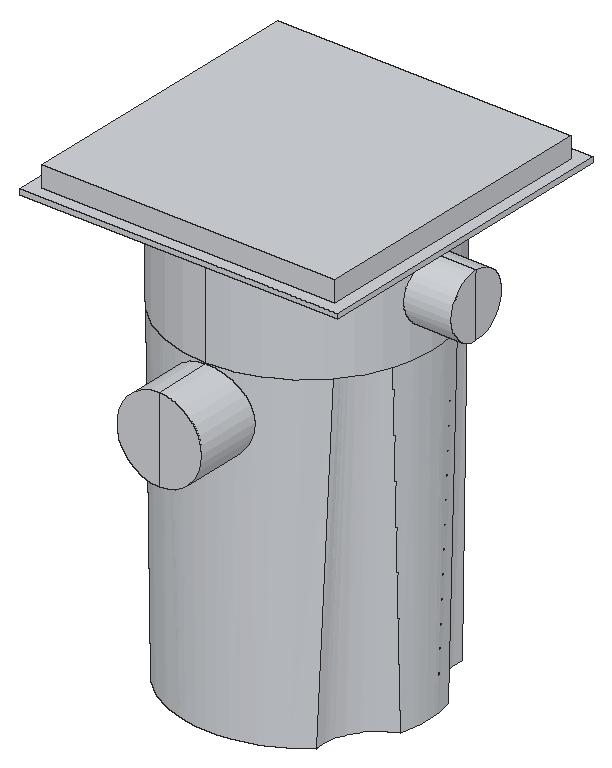
Revit family "Tambor de graxa - Quadrado - Único", category Equipamento mecânico, Revit 2019
Family settings
  Cota do conector redondo = Usar raio
  Tipo de parte = Normal
  Com base no plano de trabalho = Não
  Sempre na vertical = Sim
  Corte com vazios quando carregada = Não
  Compartilhado = Não
  Ponto de cálculo do ambiente = Não
Parameters (values of type "100x75x75x50 mm")
  Tampa = none
  Raio sanitário 3 = 50 mm
  Raio sanitário 2 = 37.5 mm
  Raio sanitário 1 = 25 mm
  Diâmetro sanitário 3 = Raio sanitário 3 * 2  # 100 mm
  Diâmetro sanitário 2 = Raio sanitário 2 * 2  # 75 mm
  Diâmetro sanitário 1 = Raio sanitário 1 * 2  # 50 mm
  Corpo = none
Reference planes
  plane 1 "Centro (Frente/Trás)": y = 0
  plane 2: z = 0
  plane 3 "Centro (Esquerda/Direita)": x = 0
  plane 4: z = 65
  plane 5: z = 71.1
  plane 6: z = 96.1
  plane 7: z = -67.5
  plane 8: z = -471
  plane 9: x = -25
  plane 10: x = 25
  plane 11: x = -50
  plane 12: x = 50
  plane 13: y = -37.5
  plane 14: y = 37.5
  plane 15: z = -121
Forms (mm)
  Extrusion 1, solid, material <- "Tampa", detail levels fine
    sketch origin (-1.291, 19.038, -54.744) x (1, 0, 0) y (0, 1, 0)
      loop
        line (-191.407, 174.419) -> (-191.407, -212.495) -> (193.99, -212.495) -> (193.99, 174.419) -> (-191.407, 174.419)
    from 119.744 to 125.844
  Extrusion 2, solid, material <- "Tampa", detail levels fine
    sketch origin (-1.291, 19.038, -54.744) x (1, 0, 0) y (0, 1, 0)
      loop
        line (-176.907, 159.919) -> (-176.907, -197.995) -> (179.49, -197.995) -> (179.49, 159.919) -> (-176.907, 159.919)
    from 125.844 to 150.844
  Revolve 3, solid, material <- "Corpo", detail levels fine
    sketch origin (0, 0, 0) x (0, 1, 0) y (0, 0, 1)
      loop
        line (-222.9, -121) -> (-126.056, -121) -> (-126.056, -69.699) -> (-222.9, -69.699) -> (-222.9, -121)
      axis (-126.056, -121) -> (-222.9, -121)
    angle from 0 to 360
  Revolve 4, solid, material <- "Corpo", detail levels fine
    sketch origin (0, 0, 0) x (0, 1, 0) y (0, 0, 1)
      loop
        line (203.307, 0) -> (203.307, 25.649) -> (140.262, 25.649) -> (140.262, 0) -> (203.307, 0)
      axis (140.262, 0) -> (203.307, 0)
    angle from 0 to 360
  Revolve 5, solid, material <- "Corpo", detail levels fine
    sketch origin (0, 0, 0) x (1, 0, 0) y (0, 0, 1)
      loop
        line (-206.249, 0) -> (-141.249, 0) -> (-141.249, 38.043) -> (-206.249, 38.043) -> (-206.249, 0)
      loop
        line (206.249, 0) -> (206.249, 38.043) -> (141.249, 38.043) -> (141.249, 0) -> (206.249, 0)
      axis (206.249, 0) -> (-206.249, 0)
    angle from 0 to 360
  Sweep 6, solid, material <- "Corpo", detail levels fine
    path origin (0, 0, 0) x (0, 1, 0) y (0, 0, 1)
      loop
        line (0, -67.5) -> (0, 65)
    profile origin (0, 0, -1.25) x (0, -1, 0) y (1, 0, 0)
      loop
        circle (0, 0) r 153.225
  Blend 7, solid, material <- "Corpo", detail levels fine
    base sketch origin (0, 0, 0) x (1, 0, 0) y (0, 1, 0)
      loop
        arc (-113.888, 100.446) -> (-122.607, 70.996) -> (-143.752, 48.72) r 65.747
        arc (-143.752, 48.72) -> (-151.784, 0) -> (-143.752, -48.72) r 151.784
        arc (-143.752, -48.72) -> (-122.607, -70.996) -> (-113.888, -100.446) r 65.747
        arc (-113.888, -100.446) -> (0, -151.855) -> (113.888, -100.446) r 151.855
        arc (113.888, -100.446) -> (122.607, -70.996) -> (143.752, -48.72) r 65.747
        arc (143.752, -48.72) -> (151.784, 0) -> (143.752, 48.72) r 151.784
        arc (143.752, 48.72) -> (122.607, 70.996) -> (113.888, 100.446) r 65.747
        arc (113.888, 100.446) -> (75.561, 131.721) -> (29.215, 149.018) r 151.855
        arc (29.215, 149.018) -> (0, 142.136) -> (-29.215, 149.018) r 65.455
        arc (-29.215, 149.018) -> (-75.561, 131.721) -> (-113.888, 100.446) r 151.855
    top sketch origin (0, 0, 0) x (1, 0, 0) y (0, 1, 0)
      loop
        arc (-100.901, 109.271) -> (-109.968, 65.708) -> (-143.932, 36.961) r 68.341
        arc (-143.932, 36.961) -> (-148.599, -0.939) -> (-143.454, -38.776) r 148.602
        arc (-143.454, -38.776) -> (-112.787, -66.406) -> (-103.623, -106.653) r 68.341
        arc (-103.623, -106.653) -> (-2.195, -148.687) -> (100.429, -109.666) r 148.703
        arc (100.429, -109.666) -> (109.466, -65.506) -> (144.033, -36.578) r 68.343
        arc (144.033, -36.578) -> (148.602, -0.996) -> (144.51, 34.645) r 148.605
        arc (144.51, 34.645) -> (110.88, 63.948) -> (102.491, 107.757) r 68.343
        arc (102.491, 107.757) -> (74.526, 128.693) -> (42.448, 142.528) r 148.714
        arc (42.448, 142.528) -> (1.569, 129.119) -> (-38.964, 143.537) r 66.508
        arc (-38.964, 143.537) -> (-72.001, 130.142) -> (-100.901, 109.271) r 148.732
    from -67.5 to -471
Cuts and joins
  joined: Revolve 4, Revolve 5, Sweep 6
  joined: Revolve 3, Blend 7
Lines and regions (mm)
  model lines, detail levels coarse+medium
    curve 1: circle (0, 0, 0) r 153.699 normal (0, 0, 1)
    curve 2: line (0, 153.699, 0) -> (0, 203.307, 0)
    curve 3: line (0, 203.307, 0) -> (-25, 203.307, 0)
    curve 4: line (0, 203.307, 0) -> (25, 203.307, 0)
    curve 5: line (153.699, 0, 0) -> (206.249, 0, 0)
    curve 6: line (206.249, 0, 0) -> (206.249, 37.5, 0)
    curve 7: line (206.249, 0, 0) -> (206.249, -37.5, 0)
    curve 8: line (-153.699, 0, 0) -> (-206.249, 0, 0)
    curve 9: line (-206.249, 0, 0) -> (-206.249, 37.5, 0)
    curve 10: line (-206.249, 0, 0) -> (-206.249, -37.5, 0)
    curve 11: line (0, -153.699, -121) -> (0, -222.9, -121)
    curve 12: line (0, -222.9, -121) -> (-50, -222.9, -121)
    curve 13: line (0, -222.9, -121) -> (50, -222.9, -121)
    curve 14: line (0, -153.699, -121) -> (0, -153.699, 0)
Dimensions and locks
  plane 3 "Centro (Esquerda/Direita)" to plane 10 = 25.00 mm
  plane 9 to plane 3 "Centro (Esquerda/Direita)" = 25.00 mm
  plane 1 "Centro (Frente/Trás)" to plane 14 = 37.50 mm  (x2)
  plane 1 "Centro (Frente/Trás)" to plane 13 = 37.50 mm
  plane 13 to plane 1 "Centro (Frente/Trás)" = 37.50 mm
  plane 11 to plane 3 "Centro (Esquerda/Direita)" = 50.00 mm
  plane 3 "Centro (Esquerda/Direita)" to plane 12 = 50.00 mm
  plane 6 to plane 5 to plane 4 to level = 25.00 mm locked, 6.10 mm locked, 65.00 mm locked
  locked: plane 7 to plane 8 at 403.5
  plane 6 to plane 8 = 567.10 mm
  plane 15 to level = 121.00 mm
  aligned and locked: level to plane 2
  aligned and locked: Sweep 6 to Blend 7
  aligned and locked: Blend 7 to plane 8
  aligned and locked: Blend 7 to plane 7
  aligned and locked: Extrusion 1 to Sweep 6
  aligned and locked: Extrusion 1 to Extrusion 2
Connectors
  piping at (0, -222.9, -121), diameter 100, driven by "Raio sanitário 3"
    settings: on cut or joined group of Revolve 3, Blend 7, index 1, connector inside diameter 100 mm, connector length 0.00 mm, flow factor 0, pipe flow 0.0 L/s, pressure drop 0.0 Pa, fitting loss kfactor 0, connector angle 0.00°, fixture units 0, engagement length 0.00 mm, angle of deflection 0.00°, flow configuration 0, flow direction 2, fitting loss method 0, system type 16, joint type 0, gender type 0, connector reference index -1, connector utility 0, adjustable connector no, is connector primary yes, connector description ""
  piping at (-206.249, 0, 0), diameter 75, driven by "Raio sanitário 2"
    settings: on cut or joined group of Revolve 4, Revolve 5, Sweep 6, index 2, connector inside diameter 75 mm, connector length 0.00 mm, flow factor 0, pipe flow 0.0 L/s, pressure drop 0.0 Pa, fitting loss kfactor 0, connector angle 0.00°, fixture units 0, engagement length 0.00 mm, angle of deflection 0.00°, flow configuration 0, flow direction 1, fitting loss method 0, system type 16, joint type 0, gender type 0, connector reference index -1, connector utility 0, adjustable connector no, is connector primary no, connector description ""
  piping at (0, 203.307, 0), diameter 50, driven by "Raio sanitário 1"
    settings: on cut or joined group of Revolve 4, Revolve 5, Sweep 6, index 3, connector inside diameter 50 mm, connector length 0.00 mm, flow factor 0, pipe flow 0.0 L/s, pressure drop 0.0 Pa, fitting loss kfactor 0, connector angle 0.00°, fixture units 0, engagement length 0.00 mm, angle of deflection 0.00°, flow configuration 0, flow direction 1, fitting loss method 0, system type 16, joint type 0, gender type 0, connector reference index -1, connector utility 0, adjustable connector no, is connector primary no, connector description ""
  piping at (206.249, 0, 0), diameter 75, driven by "Raio sanitário 2"
    settings: on cut or joined group of Revolve 4, Revolve 5, Sweep 6, index 4, connector inside diameter 75 mm, connector length 0.00 mm, flow factor 0, pipe flow 0.0 L/s, pressure drop 0.0 Pa, fitting loss kfactor 0, connector angle 0.00°, fixture units 0, engagement length 0.00 mm, angle of deflection 0.00°, flow configuration 0, flow direction 1, fitting loss method 0, system type 16, joint type 0, gender type 0, connector reference index -1, connector utility 0, adjustable connector no, is connector primary no, connector description ""
